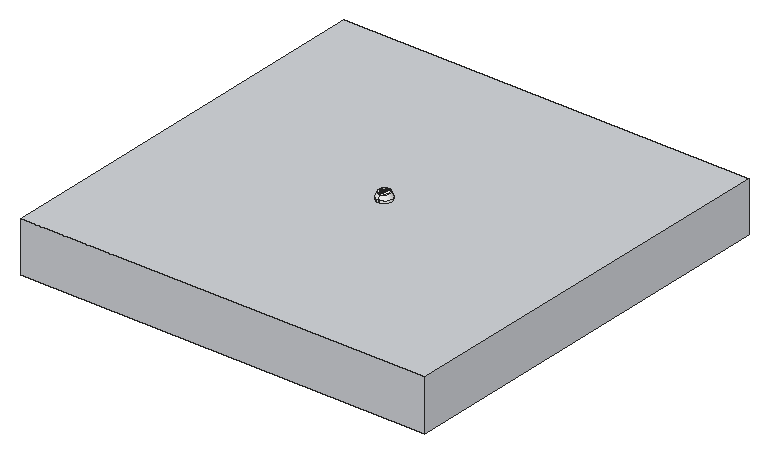
Revit family "Legrand_Lighting_Management_Standalone_Motion_Sensor_Ceiling", category Dispositifs d'éclairage, Revit 2020
Family settings
  Hôte = Face
  Conserver l'orientation des annotations = Non
  Cote de connecteur circulaire = Utiliser le diamètre
  Type d'élément = Normal
  Couper avec des vides une fois chargée = Non
  Partagée = Non
  Point de calcul de pièce = Non
Parameters (values of type "PIR - Surface - 360° - 45m²")
  Voltage type = "AC"
  URL = "http://www.legrandoc.com/048948"
  Temperature (MIN) (°C) = 35
  Temperature (MAX) (°C) = -5
  Suitable for wireless transmission = no
  Substation input = no
  Response value sensitivity adjustable = yes
  Response value luminosity adjustable = yes
  Response value luminosity (MIN) (lx) = 10
  Response value luminosity (MAX) (lx) = 1275
  Remote operation = no
  RAL-number (akin) = 9006
  Nominal voltage (V) = 240
  Mounting method = "Surface mounted (plaster)"
  Modèle = "048948"
  Model = "Presence detector"
  Min. switch-on time (s) = 10
  Maximum mounting height (m) = 2.5
  Max. transmission range sideways (m) = 8
  Max. transmission range frontally (m) = 8
  Max. switching power (W) = 0
  Max. starting current (A) = 0
  Max. duty cycle (mn) = 10
  Liaison neutre = no
  HVAC-control = no
  General Conditions of Use = "https://export.legrand.com/en/terms-of-use-BIM-objects"
  Frequency (MIN) (Hz) = 50
  Frequency (MAX) (Hz) = 60
  Forced switch off = no
  Fabricant = "Legrand"
  Dim function with dimmer basic element = no
  Diameter detection range on floor (m) = 8
  Detection angle horizontal (MIN) (°) = 360
  Detection angle horizontal (MAX) (°) = 360
  Description = "PIR 360° SENSOR CEILING SURFACE MOUNTED"
  Cosses d'artère secondaire = no
  Constant light control = yes
  Colour = White
  Collecteur de terre = no
  Detection area [instance] = no
  PIR - Encastré - 360° - 45m² = no
  PIR - Applique - 360° - 45m² = yes
  Default Elevation = 1219.2 mm
  Classe de protection (IP) = "IP20"
  Tag [instance] = no
  Alarm function = no
Types (3, lengths in mm): name | URL | Temperature (MIN) (°C) | Temperature (MAX) (°C) | Response value sensitivity adjustable | Response value luminosity (MIN) (lx) | RAL-number (akin) | Nominal voltage (V) | Mounting method | Modèle | Model | Min. switch-on time (s) | Max. transmission range sideways (m) | Max. transmission range frontally (m) | Max. switching power (W) | Max. starting current (A) | Max. duty cycle (mn) | Detection angle horizontal (MIN) (°) | Description | PIR - Encastré - 360° - 45m² | PIR - Applique - 360° - 45m² | Classe de protection (IP)
  (no name) | "http://www.legrandoc.com/048899" | -5 | 45 | no | 5 | 9003 | 230 | "Flush mounted (plaster)" | "048899" | "Movement sensor" | 5 | 4 | 6 | 2000 | 8.5 | 30 | 0 | "PACK CEILING DETECTOR" | yes | no | "IP41"
  PIR - Surface - 360° - 45m² | "http://www.legrandoc.com/048948" | 35 | -5 | yes | 10 | 9006 | 240 | "Surface mounted (plaster)" | "048948" | "Presence detector" | 10 | 8 | 8 | 0 | 0 | 10 | 360 | "PIR 360° SENSOR CEILING SURFACE MOUNTED" | no | yes | "IP20"
  PIR - Recessed - 360° - 45m² | "http://www.legrandoc.com/048899" | -5 | 45 | no | 5 | 9003 | 230 | "Flush mounted (plaster)" | "048899" | "Movement sensor" | 5 | 4 | 6 | 2000 | 8.5 | 30 | 0 | "PACK CEILING DETECTOR" | yes | no | "IP41"
Reference planes
  plane 1 "Centre (avant/arrière)": y = 0
  plane 2: z = 0
  plane 3 "Centre (gauche/droite)": x = 0
Forms (mm)
  Extrusion 1, solid
    sketch origin (0, 0, 0) x (1, 0, 0) y (0, 1, 0)
      loop
        line (-1219.2, 1219.2) -> (-1219.2, -1219.2) -> (1219.2, -1219.2) -> (1219.2, 1219.2) -> (-1219.2, 1219.2)
    from 0 to -304.8
Dimensions and locks
  aligned and locked: plane 2 to Extrusion 1
  aligned and locked: level to Extrusion 1
Nested families
  nested 1: "Modelisation 5" at (0, 0, 0), visible <- "PIR - Applique - 360° - 45m²", type "Modelisation 5"
  nested 2: "Modelisation 13" at (0, 0, -65), visible <- "PIR - Encastré - 360° - 45m²", type "Modelisation 13"
  nested 3: "Zone de détection" at (0, 0, 0), visible <- "Detection area", type "Zone de détection"
  nested 4: "Etiquette de zone" at (0, 3959.457, 0), visible <- "Tag", type "Etiquette de zone"
Connectors
  electrical at (0, 0, 0)
    settings: index 1, voltage 230 V, apparent load 0 VA, apparent load phase1 0 VA, apparent load phase2 0 VA, apparent load phase3 0 VA, power factor 1, load classification "Eclairage", number of poles 1, system type 30, power factor state 1, is connector primary yes, connector utility no, sub classification motor no, connector description ""
Definition of nested family "Modelisation 5"
  Parameters (values of type "Modelisation 5")
    Profondeur totale = 82 mm
    Matériau couleur = none
    Longueur capot = 65 mm
    Largeur capot = 52 mm
    built-in parameter 1140140 [instance] = 1 (stored number, unit not read)
    Default Elevation = 0 mm
    Diamètre capot = 102 mm
    Ray Capot = Diamètre capot / 2  # 51 mm
    built-in parameter 1140142 [instance] = -1
    built-in parameter 1155100 [instance] = -1
  Reference planes
    plane 1 "Centre (avant/arrière)": y = 0
    plane 2: z = 0
    plane 3 "Centre (gauche/droite)": x = 0
  Forms (mm)
    Blend 1, solid
      base sketch origin (0, 0, 44.3) x (-1, 0, 0) y (0, -1, 0)
        loop
          line (0, -15) -> (7.5, -12.99) -> (12.99, -7.5) -> (15, 0) -> (12.99, 7.5) -> (7.5, 12.99) -> (0, 15) -> (-7.5, 12.99) -> (-12.99, 7.5) -> (-15, 0) -> (-12.99, -7.5) -> (-7.5, -12.99) -> (0, -15)
      top sketch origin (0, 0, 44.3) x (-1, 0, 0) y (0, -1, 0)
        loop
          line (0, -13) -> (6.5, -11.258) -> (11.258, -6.5) -> (13, 0) -> (11.258, 6.5) -> (6.5, 11.258) -> (0, 13) -> (-6.5, 11.258) -> (-11.258, 6.5) -> (-13, 0) -> (-11.258, -6.5) -> (-6.5, -11.258) -> (0, -13)
      from 0 to 5.7
    Blend 2, solid
      base sketch origin (0, 0, 61.8) x (1, 0, 0) y (0, 1, 0)
        loop
          line (0, 13) -> (-6.5, 11.258) -> (-11.258, 6.5) -> (-13, 0) -> (-11.258, -6.5) -> (-6.5, -11.258) -> (0, -13) -> (6.5, -11.258) -> (11.258, -6.5) -> (13, 0) -> (11.258, 6.5) -> (6.5, 11.258) -> (0, 13)
      top sketch origin (0, 0, 61.8) x (1, 0, 0) y (0, 1, 0)
        loop
          line (0, 8.625) -> (-4.313, 7.47) -> (-7.47, 4.313) -> (-8.625, 0) -> (-7.47, -4.313) -> (-4.313, -7.47) -> (0, -8.625) -> (4.313, -7.47) -> (7.47, -4.313) -> (8.625, 0) -> (7.47, 4.313) -> (4.313, 7.47) -> (0, 8.625)
      from -11.8 to -9.8
    Extrusion 3, void
      sketch origin (0, 0, 51.071) x (1, 0, 0) y (0, 1, 0)
        loop
          arc (5.689, 14.939) -> (0, 15.986) -> (-5.689, 14.939) r 15.986
          line (-5.689, 14.939) -> (-7.696, 17.805)
          arc (-7.696, 17.805) -> (-13.064, 18.237) -> (-14.494, 13.045) r 4.224
          line (-14.494, 13.045) -> (-12.413, 10.073)
          arc (-12.413, 10.073) -> (0, -15.986) -> (12.413, 10.073) r 15.986
          line (12.413, 10.073) -> (14.494, 13.045)
          arc (14.494, 13.045) -> (13.064, 18.237) -> (7.696, 17.805) r 4.224
          line (7.696, 17.805) -> (5.689, 14.939)
      from -6.771 to -5.043
    Revolve 4, solid, material <- "Matériau couleur"
      sketch origin (0, 0, 0) x (0, 1, 0) y (0, 0, 1)
        loop
          line (19.754, 46.028) -> (0, 46.028) -> (0, 38.56) -> (32.205, 38.56)
          arc (32.205, 38.56) -> (31.761, 39.549) -> (30.996, 40.318) r 3.025
          arc (30.996, 40.318) -> (27.04, 42.845) -> (22.898, 45.053) r 59.565
          arc (22.898, 45.053) -> (21.362, 45.656) -> (19.754, 46.028) r 11.289
        axis (0, 46.028) -> (0, 38.56)
      angle from 0 to 360
    Revolve 5, solid, material <- "Matériau couleur"
      sketch origin (0, 0, 0) x (0, 1, 0) y (0, 0, 1)
        loop
          line (43.5, 10) -> (0, 10) -> (0, 0) -> (43.5, 0) -> (43.5, 10)
        axis (0, 10) -> (0, 0)
      angle from 0 to 360
    Revolve 6, solid, material <- "Matériau couleur"
      sketch origin (0, 0, 0) x (0, 1, 0) y (0, 0, 1)
        loop
          line (43.5, 10) -> (32.205, 38.56) -> (0, 38.56) -> (0, 10) -> (43.5, 10)
        axis (0, 38.56) -> (0, 10)
      angle from 0 to 360
    Extrusion 7, void
      sketch origin (0, 0, 0) x (1, 0, 0) y (0, 0, 1)
        loop
          line (14.855, 0) -> (13.217, 13.69)
          arc (13.217, 13.69) -> (8.703, 17.239) -> (4.19, 13.69) r 4.645
          line (4.19, 13.69) -> (2.552, 0) -> (14.855, 0)
        loop
          line (-2.552, 0) -> (-4.19, 13.69)
          arc (-4.19, 13.69) -> (-8.703, 17.239) -> (-13.217, 13.69) r 4.645
          line (-13.217, 13.69) -> (-14.855, 0) -> (-2.552, 0)
        loop
          arc (12.232, 13.508) -> (8.703, 16.239) -> (5.175, 13.508) r 3.645
          line (5.175, 13.508) -> (3.678, 1) -> (13.728, 1) -> (12.232, 13.508)
        loop
          arc (-5.175, 13.508) -> (-8.703, 16.239) -> (-12.232, 13.508) r 3.645
          line (-12.232, 13.508) -> (-13.728, 1) -> (-3.678, 1) -> (-5.175, 13.508)
      from -44.331 to -37.266
    Extrusion 8, void
      sketch origin (-41.036, 0, 16.229) x (0.367772, 0, 0.929916) y (0, -1, 0)
        loop
          spline (-3.114, -0.098) -> (-2.712, -0.955) -> (-1.533, -1.754) -> (0.342, -2.44) -> (2.786, -2.966) -> (5.632, -3.297) -> (8.687, -3.41) -> (11.741, -3.297) -> (14.587, -2.966) -> (17.031, -2.44) -> (18.906, -1.754) -> (20.085, -0.955) -> (20.487, -0.098)
          spline (20.487, -0.098) -> (20.085, 0.759) -> (18.906, 1.558) -> (17.031, 2.244) -> (14.587, 2.77) -> (11.741, 3.101) -> (8.687, 3.214) -> (5.632, 3.101) -> (2.786, 2.77) -> (0.342, 2.244) -> (-1.533, 1.558) -> (-2.712, 0.759) -> (-3.114, -0.098)
      from -3.721 to 1.317
  Cuts and joins
    Extrusion 3 cuts Revolve 4
    Extrusion 7 cuts Revolve 5
    Extrusion 7, Extrusion 8 cuts Revolve 6
  Dimensions and locks
    aligned and locked: level to plane 2
Definition of nested family "Modelisation 13"
  Parameters (values of type "Modelisation 13")
    Profondeur totale = 82 mm
    Matériau couleur = none
    Longueur capot = 65 mm
    Largeur capot = 52 mm
    built-in parameter 1140140 [instance] = 1 (stored number, unit not read)
    Default Elevation = 0 mm
    Diamètre capot = 102 mm
    Ray Capot = Diamètre capot / 2  # 51 mm
    built-in parameter 1140142 [instance] = -1
    built-in parameter 1155100 [instance] = -1
  Reference planes
    plane 1 "Centre (avant/arrière)": y = 0
    plane 2: z = 0
    plane 3 "Centre (gauche/droite)": x = 0
  Forms (mm)
    Revolve 1, solid, material <- "Matériau couleur"
      sketch origin (0, -1.358, -26.338) x (0, 0, 1) y (0, 1, 0)
        loop
          arc (91.338, -49.642) -> (92.26, -46.64) -> (93.386, -43.708) r 45.62
          arc (93.386, -43.708) -> (96.838, -36.184) -> (100.721, -28.872) r 142.583
          arc (100.721, -28.872) -> (101.869, -25.627) -> (102.338, -22.217) r 16.945
          line (102.338, -22.217) -> (102.338, 1.358) -> (91.338, 1.358) -> (91.338, -49.642)
        axis (91.338, 1.358) -> (102.338, 1.358)
      angle from 0 to 360
    Revolve 2, solid
      sketch origin (0, -1.358, -34.438) x (0, 0, 1) y (0, 1, 0)
        loop
          line (113.37, -17.589) -> (116.438, -11.067) -> (116.438, 1.358) -> (110.438, 1.358) -> (110.438, -19.642) -> (113.37, -17.589)
        axis (110.438, 1.358) -> (116.438, 1.358)
      angle from 0 to 360
    Extrusion 3, solid, material <- "Matériau couleur"
      sketch origin (0, 0, 0) x (1, 0, 0) y (0, 1, 0)
        loop
          line (-20.5, 26) -> (-32.5, 14) -> (-32.5, -14) -> (-20.5, -26) -> (20.5, -26) -> (32.5, -14) -> (32.5, 14) -> (20.5, 26) -> (-20.5, 26)
      from 0 to 65
  Dimensions and locks
    aligned and locked: level to plane 2
Definition of nested family "Zone de détection"
  Reference planes
    plane 1 "Centre (avant/arrière)": y = 0
    plane 2: z = 0
    plane 3 "Centre (gauche/droite)": x = 0
  Lines and regions (mm)
    detail lines, in view "Niveau de réf."
      curve 1: circle (0, 0, 0) r 4000 normal (0, 0, 1)
      curve 2: circle (0, 0, 0) r 2000 normal (0, 0, 1)
      curve 3: circle (0, 0, 0) r 1000 normal (0, 0, 1)
Definition of nested family "Etiquette de zone"
  Parameters (values of type "Etiquette de zone")
    Etiquette de zone = ""
  Reference planes
    plane 1: y = 0
    plane 2: x = 0
  Text (mm)
    label "Etiquette de zone" at (-0.612, -4.46, 0), shows "Etiquette de zone"
